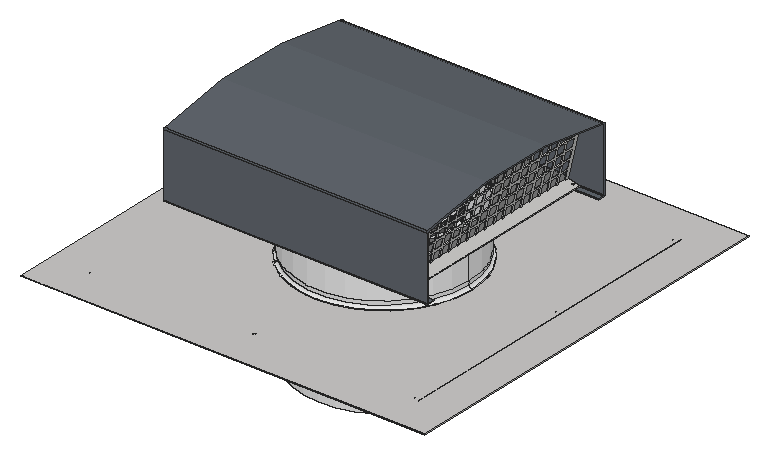
Revit family "250mm Roof Terminals BIM File", category Air Terminals, Revit 2024
Family settings
  Round Connector Dimension = Use Diameter
  Part Type = Normal
  Work Plane-Based = No
  Always vertical = Yes
  Cut with Voids When Loaded = No
  Maintain Annotation Orientation = No
  Shared = No
  Room Calculation Point = No
Parameters (values of type "250mm dia Slate Roof Terminal")
  URL = "https://www.airflow.com/"
  Part number = "90001420"
  Pressure = 100.0 Pa
  Product name = "250mm Slate Roof Terminal"
  Manufacturer's name = "Airflow"
  Model = "250mm Slate Roof Terminal"
  Product URL link = "https://www.airflow.com/product/roof-cowls-and-slates/90001420"
  Manufacturer's URL link = "https://www.airflow.com/"
  Installation instructions URL link = "https://www.airflow.com/product/roof-cowls-and-slates/90001420"
  Roof height (mm) = "140"  # constant formula
  Cap height (mm) = "82"  # constant formula
  Manufacturer = "Airflow"
  Manufacturer email = "info@airflow.com"
  Material 4 = ANJ010016 4
  Material 3 = ANJ010016 3'
  Material 2 = ANJ010016 2
  Material 1 = ANJ010016 1
  Extract air flow at 20 Pa (m3/h) = "1050"  # constant formula
  Supply air flow at 20 Pa (m3/h) = "850"  # constant formula
  Flow rate = 236.111 L/s
  Lead dimensions (mm) = "590x590"  # constant formula
  Cap dimensions (mm) = "333x400"  # constant formula
  Connection diameter = 250 mm  # constant formula
  Default Elevation = 0 mm
Types (3, lengths in mm): name | Part number | Product name | Model | Product URL link | Installation instructions URL link | Material 3
  (no name) | "90001420" | "250mm Slate Roof Terminal" | "250mm Slate Roof Terminal" | "https://www.airflow.com/product/roof-cowls-and-slates/90001420" | "https://www.airflow.com/product/roof-cowls-and-slates/90001420" | ANJ010016 3'
  250mm dia Terracotta Roof Terminal | "90001421" | "250mm Terracotta Roof Terminal" | "250mm Terracotta Roof Terminal" | "https://www.airflow.com/product/roof-cowls-and-slates/90001421" | "https://www.airflow.com/product/roof-cowls-and-slates/90001421" | ANJ010016 3
  250mm dia Slate Roof Terminal | "90001420" | "250mm Slate Roof Terminal" | "250mm Slate Roof Terminal" | "https://www.airflow.com/product/roof-cowls-and-slates/90001420" | "https://www.airflow.com/product/roof-cowls-and-slates/90001420" | ANJ010016 3'
Reference planes
  plane 1 "Center (Front/Back)": y = 0
  plane 2: z = 0
  plane 3 "Center (Left/Right)": x = 0
Nested families
  nested 1: "ANJ010016 CTM" at (0, 0, 0), type "ANJ010016 CTM"
Connectors
  hvac at (0, 0, 0), driven by "Connection diameter", driven by "Flow rate", driven by "Pressure"
    settings: on level, index 1, duct flow 236.111 L/s, flow factor 0, pres drop 100.0 Pa, loss coef 0, conn angle 0.00°, conn width 304.8 mm, conn height 304.8 mm, conn diameter 250 mm, duct sys type 4, conn prof type 0, flow config 0, flow direction 0, loss method 4, conn ref index -1, conn util no, is conn primary yes, conn desc ""
Definition of nested family "ANJ010016 CTM"
  Parameters (values of type "ANJ010016 CTM")
    Version = "3"
    URL = "http://www.anjos-ventilation.com/"
    Polantis code = "ANJ010016"
    Model = "CTM"
    Manufacturer = "Anjos Ventilation"
    Email fabricant = "contact@anjos-ventilation.com "
    Matériel 4 = none
    Matériel 3 = none
    Matériel 2 = none
    Matériel 1 = none
    Débit à 20 Pa en rejet = ""
    Débit à 20 Pa en prise d'air = ""
    Default Elevation = 0 mm
  Reference planes
    plane 1 "Center (Front/Back)": y = 0
    plane 2: z = 0
    plane 3 "Center (Left/Right)": x = 0
  Forms (mm)
    Revolve 1, solid, material <- "Matériel 1"
      sketch origin (0, 0, 231.331) x (1, 0, 0) y (0, 0, 1)
        loop
          line (122.54, -68.331) -> (122.54, -86.566)
          arc (122.54, -86.566) -> (127.98, -93.301) -> (122.54, -100.037) r 6.89
          line (122.54, -100.037) -> (122.54, -182.813)
          arc (122.54, -182.813) -> (121.007, -187.462) -> (122.54, -192.111) r 7.819
          line (122.54, -192.111) -> (122.54, -199.729)
          arc (122.54, -199.729) -> (120.936, -204.534) -> (122.54, -209.339) r 8.001
          line (122.54, -209.339) -> (122.54, -231.331) -> (123.54, -231.331) -> (123.54, -208.993)
          arc (123.54, -208.993) -> (121.936, -204.534) -> (123.54, -200.075) r 7.001
          line (123.54, -200.075) -> (123.54, -191.769)
          arc (123.54, -191.769) -> (122.007, -187.462) -> (123.54, -183.155) r 6.819
          line (123.54, -183.155) -> (123.54, -100.801)
          arc (123.54, -100.801) -> (128.98, -93.301) -> (123.54, -85.801) r 7.89
          line (123.54, -85.801) -> (123.54, -68.331) -> (122.54, -68.331)
        axis (0, -68.331) -> (0, -231.331)
      angle from 0 to 360
    Extrusion 2, solid, material <- "Matériel 4"
      sketch origin (4.534, 0, 264.484) x (0.224951, 0, 0.97437) y (0, -1, 0)
        loop
          line (87.616, 164) -> (-5.373, 164) -> (-5.373, 160.5) -> (9.559, 160.5) -> (9.559, 145.5) -> (-5.373, 145.5) -> (-5.373, 143.5) -> (9.559, 143.5) -> (9.559, 128.5) -> (-5.373, 128.5) -> (-5.373, 126.5) -> (9.559, 126.5) -> (9.559, 111.5) -> (-5.373, 111.5) -> (-5.373, 109.5) -> (9.559, 109.5) -> (9.559, 94.5) -> (-5.373, 94.5) -> (-5.373, 92.5) -> (9.559, 92.5) -> (9.559, 77.5) -> (-5.373, 77.5) -> (-5.373, 75.5) -> (9.559, 75.5) -> (9.559, 60.5) -> (-5.373, 60.5) -> (-5.373, 58.5) -> (9.559, 58.5) -> (9.559, 43.5) -> (-5.373, 43.5) -> (-5.373, 41.5) -> (9.559, 41.5) -> (9.559, 26.5) -> (-5.373, 26.5) -> (-5.373, 24.5) -> (9.559, 24.5) -> (9.559, 9.5) -> (-5.373, 9.5) -> (-5.373, 7.5) -> (9.559, 7.5) -> (9.559, -7.5) -> (-5.373, -7.5) -> (-5.373, -9.5) -> (9.559, -9.5) -> (9.559, -24.5) -> (-5.373, -24.5) -> (-5.373, -26.5) -> (9.559, -26.5) -> (9.559, -41.5) -> (-5.373, -41.5) -> (-5.373, -43.5) -> (9.559, -43.5) -> (9.559, -58.5) -> (-5.373, -58.5) -> (-5.373, -60.5) -> (9.559, -60.5) -> (9.559, -75.5) -> (-5.373, -75.5) -> (-5.373, -77.5) -> (9.559, -77.5) -> (9.559, -92.5) -> (-5.373, -92.5) -> (-5.373, -94.5) -> (9.559, -94.5) -> (9.559, -109.5) -> (-5.373, -109.5) -> (-5.373, -111.5) -> (9.559, -111.5) -> (9.559, -126.5) -> (-5.373, -126.5) -> (-5.373, -128.5) -> (9.559, -128.5) -> (9.559, -143.5) -> (-5.373, -143.5) -> (-5.373, -145.5) -> (9.559, -145.5) -> (9.559, -160.5) -> (-5.373, -160.5) -> (-5.373, -164) -> (87.616, -164)
          arc (87.616, -164) -> (107.263, 0) -> (87.616, 164) r 694.311
        loop
          line (84.925, 160.5) -> (61.007, 160.5) -> (61.007, 145.5) -> (84.925, 145.5) -> (84.925, 160.5)
        loop
          line (59.065, 160.5) -> (44.504, 160.5) -> (44.504, 145.5) -> (59.065, 145.5) -> (59.065, 160.5)
        loop
          line (42.563, 160.5) -> (28.029, 160.5) -> (28.029, 145.5) -> (42.563, 145.5) -> (42.563, 160.5)
        loop
          line (26.061, 160.5) -> (11.5, 160.5) -> (11.5, 145.5) -> (26.061, 145.5) -> (26.061, 160.5)
        loop
          line (26.061, 143.5) -> (11.5, 143.5) -> (11.5, 128.5) -> (26.061, 128.5) -> (26.061, 143.5)
        loop
          line (28.029, 143.5) -> (28.029, 128.5) -> (42.563, 128.5) -> (42.563, 143.5) -> (28.029, 143.5)
        loop
          line (44.504, 143.5) -> (44.504, 128.5) -> (59.065, 128.5) -> (59.065, 143.5) -> (44.504, 143.5)
        loop
          line (89.827, 143.5) -> (61.007, 143.5) -> (61.007, 128.5) -> (89.827, 128.5) -> (89.827, 143.5)
        loop
          line (75.567, 94.5) -> (75.567, 109.5) -> (61.007, 109.5) -> (61.007, 94.5) -> (75.567, 94.5)
        loop
          line (59.065, 94.5) -> (59.065, 109.5) -> (44.504, 109.5) -> (44.504, 94.5) -> (59.065, 94.5)
        loop
          line (42.563, 94.5) -> (42.563, 109.5) -> (28.029, 109.5) -> (28.029, 94.5) -> (42.563, 94.5)
        loop
          line (26.061, 94.5) -> (26.061, 109.5) -> (11.5, 109.5) -> (11.5, 94.5) -> (26.061, 94.5)
        loop
          line (26.061, 111.5) -> (26.061, 126.5) -> (11.5, 126.5) -> (11.5, 111.5) -> (26.061, 111.5)
        loop
          line (28.029, 111.5) -> (42.563, 111.5) -> (42.563, 126.5) -> (28.029, 126.5) -> (28.029, 111.5)
        loop
          line (44.504, 111.5) -> (59.065, 111.5) -> (59.065, 126.5) -> (44.504, 126.5) -> (44.504, 111.5)
        loop
          line (75.567, 111.5) -> (75.567, 126.5) -> (61.007, 126.5) -> (61.007, 111.5) -> (75.567, 111.5)
        loop
          line (75.567, 92.5) -> (61.007, 92.5) -> (61.007, 77.5) -> (75.567, 77.5) -> (75.567, 92.5)
        loop
          line (59.065, 92.5) -> (44.504, 92.5) -> (44.504, 77.5) -> (59.065, 77.5) -> (59.065, 92.5)
        loop
          line (42.563, 92.5) -> (28.029, 92.5) -> (28.029, 77.5) -> (42.563, 77.5) -> (42.563, 92.5)
        loop
          line (26.061, 92.5) -> (11.5, 92.5) -> (11.5, 77.5) -> (26.061, 77.5) -> (26.061, 92.5)
        loop
          line (26.061, 75.5) -> (11.5, 75.5) -> (11.5, 60.5) -> (26.061, 60.5) -> (26.061, 75.5)
        loop
          line (28.029, 75.5) -> (28.029, 60.5) -> (42.563, 60.5) -> (42.563, 75.5) -> (28.029, 75.5)
        loop
          line (44.504, 75.5) -> (44.504, 60.5) -> (59.065, 60.5) -> (59.065, 75.5) -> (44.504, 75.5)
        loop
          line (75.52, 75.5) -> (61.007, 75.5) -> (61.007, 60.5) -> (75.52, 60.5) -> (75.52, 75.5)
        loop
          line (75.567, 26.5) -> (75.567, 41.5) -> (61.007, 41.5) -> (61.007, 26.5) -> (75.567, 26.5)
        loop
          line (59.065, 26.5) -> (59.065, 41.5) -> (44.504, 41.5) -> (44.504, 26.5) -> (59.065, 26.5)
        loop
          line (42.563, 26.5) -> (42.563, 41.5) -> (28.029, 41.5) -> (28.029, 26.5) -> (42.563, 26.5)
        loop
          line (26.061, 26.5) -> (26.061, 41.5) -> (11.5, 41.5) -> (11.5, 26.5) -> (26.061, 26.5)
        loop
          line (26.061, 43.5) -> (26.061, 58.5) -> (11.5, 58.5) -> (11.5, 43.5) -> (26.061, 43.5)
        loop
          line (28.029, 43.5) -> (42.563, 43.5) -> (42.563, 58.5) -> (28.029, 58.5) -> (28.029, 43.5)
        loop
          line (44.504, 43.5) -> (59.065, 43.5) -> (59.065, 58.5) -> (44.504, 58.5) -> (44.504, 43.5)
        loop
          line (75.52, 43.5) -> (75.52, 58.5) -> (61.007, 58.5) -> (61.007, 43.5) -> (75.52, 43.5)
        loop
          line (75.567, 24.5) -> (61.007, 24.5) -> (61.007, 9.5) -> (75.567, 9.5) -> (75.567, 24.5)
        loop
          line (59.065, 24.5) -> (44.504, 24.5) -> (44.504, 9.5) -> (59.065, 9.5) -> (59.065, 24.5)
        loop
          line (42.563, 24.5) -> (28.029, 24.5) -> (28.029, 9.5) -> (42.563, 9.5) -> (42.563, 24.5)
        loop
          line (26.061, 24.5) -> (11.5, 24.5) -> (11.5, 9.5) -> (26.061, 9.5) -> (26.061, 24.5)
        loop
          line (26.061, 7.5) -> (11.5, 7.5) -> (11.5, -7.5) -> (26.061, -7.5) -> (26.061, 7.5)
        loop
          line (28.029, 7.5) -> (28.029, -7.5) -> (42.563, -7.5) -> (42.563, 7.5) -> (28.029, 7.5)
        loop
          line (44.504, 7.5) -> (44.504, -7.5) -> (59.065, -7.5) -> (59.065, 7.5) -> (44.504, 7.5)
        loop
          line (75.52, 7.5) -> (61.007, 7.5) -> (61.007, -7.5) -> (75.52, -7.5) -> (75.52, 7.5)
        loop
          line (75.567, -41.5) -> (75.567, -26.5) -> (61.007, -26.5) -> (61.007, -41.5) -> (75.567, -41.5)
        loop
          line (59.065, -41.5) -> (59.065, -26.5) -> (44.504, -26.5) -> (44.504, -41.5) -> (59.065, -41.5)
        loop
          line (42.563, -41.5) -> (42.563, -26.5) -> (28.029, -26.5) -> (28.029, -41.5) -> (42.563, -41.5)
        loop
          line (26.061, -41.5) -> (26.061, -26.5) -> (11.5, -26.5) -> (11.5, -41.5) -> (26.061, -41.5)
        loop
          line (26.061, -24.5) -> (26.061, -9.5) -> (11.5, -9.5) -> (11.5, -24.5) -> (26.061, -24.5)
        loop
          line (28.029, -24.5) -> (42.563, -24.5) -> (42.563, -9.5) -> (28.029, -9.5) -> (28.029, -24.5)
        loop
          line (44.504, -24.5) -> (59.065, -24.5) -> (59.065, -9.5) -> (44.504, -9.5) -> (44.504, -24.5)
        loop
          line (75.567, -24.5) -> (75.567, -9.5) -> (61.007, -9.5) -> (61.007, -24.5) -> (75.567, -24.5)
        loop
          line (75.567, -43.5) -> (61.007, -43.5) -> (61.007, -58.5) -> (75.567, -58.5) -> (75.567, -43.5)
        loop
          line (59.065, -43.5) -> (44.504, -43.5) -> (44.504, -58.5) -> (59.065, -58.5) -> (59.065, -43.5)
        loop
          line (42.563, -43.5) -> (28.029, -43.5) -> (28.029, -58.5) -> (42.563, -58.5) -> (42.563, -43.5)
        loop
          line (26.061, -43.5) -> (11.5, -43.5) -> (11.5, -58.5) -> (26.061, -58.5) -> (26.061, -43.5)
        loop
          line (26.061, -60.5) -> (11.5, -60.5) -> (11.5, -75.5) -> (26.061, -75.5) -> (26.061, -60.5)
        loop
          line (28.029, -60.5) -> (28.029, -75.5) -> (42.563, -75.5) -> (42.563, -60.5) -> (28.029, -60.5)
        loop
          line (44.504, -60.5) -> (44.504, -75.5) -> (59.065, -75.5) -> (59.065, -60.5) -> (44.504, -60.5)
        loop
          line (75.567, -60.5) -> (61.007, -60.5) -> (61.007, -75.5) -> (75.567, -75.5) -> (75.567, -60.5)
        loop
          line (75.567, -109.5) -> (75.567, -94.5) -> (61.007, -94.5) -> (61.007, -109.5) -> (75.567, -109.5)
        loop
          line (59.065, -109.5) -> (59.065, -94.5) -> (44.504, -94.5) -> (44.504, -109.5) -> (59.065, -109.5)
        loop
          line (42.563, -109.5) -> (42.563, -94.5) -> (28.029, -94.5) -> (28.029, -109.5) -> (42.563, -109.5)
        loop
          line (26.061, -109.5) -> (26.061, -94.5) -> (11.5, -94.5) -> (11.5, -109.5) -> (26.061, -109.5)
        loop
          line (26.061, -92.5) -> (26.061, -77.5) -> (11.5, -77.5) -> (11.5, -92.5) -> (26.061, -92.5)
        loop
          line (28.029, -92.5) -> (42.563, -92.5) -> (42.563, -77.5) -> (28.029, -77.5) -> (28.029, -92.5)
        loop
          line (44.504, -92.5) -> (59.065, -92.5) -> (59.065, -77.5) -> (44.504, -77.5) -> (44.504, -92.5)
        loop
          line (75.567, -92.5) -> (75.567, -77.5) -> (61.007, -77.5) -> (61.007, -92.5) -> (75.567, -92.5)
        loop
          line (75.567, -111.5) -> (61.007, -111.5) -> (61.007, -126.5) -> (75.567, -126.5) -> (75.567, -111.5)
        loop
          line (59.065, -111.5) -> (44.504, -111.5) -> (44.504, -126.5) -> (59.065, -126.5) -> (59.065, -111.5)
        loop
          line (42.563, -111.5) -> (28.029, -111.5) -> (28.029, -126.5) -> (42.563, -126.5) -> (42.563, -111.5)
        loop
          line (26.061, -111.5) -> (11.5, -111.5) -> (11.5, -126.5) -> (26.061, -126.5) -> (26.061, -111.5)
        loop
          line (26.061, -128.5) -> (11.5, -128.5) -> (11.5, -143.5) -> (26.061, -143.5) -> (26.061, -128.5)
        loop
          line (28.029, -128.5) -> (28.029, -143.5) -> (42.563, -143.5) -> (42.563, -128.5) -> (28.029, -128.5)
        loop
          line (44.504, -128.5) -> (44.504, -143.5) -> (59.065, -143.5) -> (59.065, -128.5) -> (44.504, -128.5)
        loop
          line (89.827, -128.5) -> (61.007, -128.5) -> (61.007, -143.5) -> (89.827, -143.5) -> (89.827, -128.5)
        loop
          line (26.061, -160.5) -> (26.061, -145.5) -> (11.5, -145.5) -> (11.5, -160.5) -> (26.061, -160.5)
        loop
          line (28.029, -160.5) -> (42.563, -160.5) -> (42.563, -145.5) -> (28.029, -145.5) -> (28.029, -160.5)
        loop
          line (44.504, -160.5) -> (59.065, -160.5) -> (59.065, -145.5) -> (44.504, -145.5) -> (44.504, -160.5)
        loop
          line (84.925, -160.5) -> (84.925, -145.5) -> (61.007, -145.5) -> (61.007, -160.5) -> (84.925, -160.5)
        loop
          line (93.04, 126.5) -> (77.509, 126.5) -> (77.509, 111.5) -> (93.04, 111.5) -> (93.04, 126.5)
        loop
          line (95.836, 109.5) -> (77.509, 109.5) -> (77.509, 94.5) -> (95.836, 94.5) -> (95.836, 109.5)
        loop
          line (98.263, 92.5) -> (77.512, 92.5) -> (77.512, 77.5) -> (98.263, 77.5) -> (98.263, 92.5)
        loop
          line (100.185, 75.5) -> (77.509, 75.5) -> (77.509, 60.5) -> (100.185, 60.5) -> (100.185, 75.5)
        loop
          line (101.981, 58.5) -> (77.509, 58.5) -> (77.509, 43.5) -> (101.981, 43.5) -> (101.981, 58.5)
        loop
          line (102.922, 41.5) -> (77.509, 41.5) -> (77.509, 26.5) -> (102.922, 26.5) -> (102.922, 41.5)
        loop
          line (103.689, 24.5) -> (77.509, 24.5) -> (77.509, 9.5) -> (103.689, 9.5) -> (103.689, 24.5)
        loop
          line (104.174, 7.5) -> (77.509, 7.5) -> (77.509, -7.5) -> (104.174, -7.5) -> (104.174, 7.5)
        loop
          line (77.509, -9.5) -> (77.509, -24.5) -> (103.727, -24.5) -> (103.727, -9.5) -> (77.509, -9.5)
        loop
          line (77.509, -26.5) -> (77.509, -41.5) -> (102.922, -41.5) -> (102.922, -26.5) -> (77.509, -26.5)
        loop
          line (101.981, -43.5) -> (77.509, -43.5) -> (77.509, -58.5) -> (101.981, -58.5) -> (101.981, -43.5)
        loop
          line (100.185, -60.5) -> (77.509, -60.5) -> (77.509, -75.5) -> (100.185, -75.5) -> (100.185, -60.5)
        loop
          line (98.263, -77.5) -> (77.509, -77.5) -> (77.509, -92.5) -> (98.263, -92.5) -> (98.263, -77.5)
        loop
          line (95.836, -94.5) -> (77.509, -94.5) -> (77.509, -109.5) -> (95.836, -109.5) -> (95.836, -94.5)
        loop
          line (93.04, -111.5) -> (77.509, -111.5) -> (77.509, -126.5) -> (93.04, -126.5) -> (93.04, -111.5)
      from 144.44 to 145.528
    Extrusion 3, solid, material <- "Matériel 3"
      sketch origin (0, 0, 231.331) x (0, 0, 1) y (0, -1, 0)
        loop
          arc (88.248, 166.103) -> (87.669, 166.878) -> (86.71, 167) r 1.238
          line (86.71, 167) -> (-9.796, 167)
          arc (-9.796, 167) -> (-10.747, 166.306) -> (-10.75, 165.128) r 1.302
          line (-10.75, 165.128) -> (-9.75, 165.128)
          arc (-9.75, 165.128) -> (-9.761, 165.647) -> (-9.38, 166) r 0.632
          line (-9.38, 166) -> (86.491, 166)
          arc (86.491, 166) -> (87.147, 165.728) -> (87.419, 165.072) r 0.928
          arc (87.419, 165.072) -> (107.254, -0.099) -> (87.419, -165.269) r 697.631
          arc (87.419, -165.269) -> (87.284, -165.715) -> (86.912, -165.994) r 0.747
          line (86.912, -165.994) -> (-8.365, -165.994)
          arc (-8.365, -165.994) -> (-9.088, -165.991) -> (-9.75, -165.7) r 1.781
          line (-9.75, -165.7) -> (-10.75, -165.7)
          arc (-10.75, -165.7) -> (-10.609, -166.533) -> (-9.945, -167) r 1.062
          line (-9.945, -167) -> (87.46, -167)
          arc (87.46, -167) -> (87.971, -166.802) -> (88.262, -166.316) r 0.761
          arc (88.262, -166.316) -> (108.302, -0.106) -> (88.248, 166.103) r 699.066
      from -198.572 to 198.5
    Extrusion 4, solid, material <- "Matériel 4"
      sketch origin (4.107, 0, 261.057) x (-0.978148, 0, 0.207912) y (0, 1, 0)
        loop
          line (-163.367, -164) -> (-145.122, -164) -> (-145.122, 164) -> (-163.367, 164) -> (-163.367, -164)
        loop
          circle (-157.496, -160.006) r 1.745
        loop
          circle (-157.506, 159.999) r 1.744
      from 3.495 to 4.483
    Extrusion 5, solid, material <- "Matériel 4"
      sketch origin (-4.534, 0, 264.484) x (-0.224951, 0, 0.97437) y (0, 1, 0)
        loop
          arc (87.616, -164) -> (107.263, 0) -> (87.616, 164) r 694.311
          line (87.616, 164) -> (-5.373, 164) -> (-5.373, 160.5) -> (9.559, 160.5) -> (9.559, 145.5) -> (-5.373, 145.5) -> (-5.373, 143.5) -> (9.559, 143.5) -> (9.559, 128.5) -> (-5.373, 128.5) -> (-5.373, 126.5) -> (9.559, 126.5) -> (9.559, 111.5) -> (-5.373, 111.5) -> (-5.373, 109.5) -> (9.559, 109.5) -> (9.559, 94.5) -> (-5.373, 94.5) -> (-5.373, 92.5) -> (9.559, 92.5) -> (9.559, 77.5) -> (-5.373, 77.5) -> (-5.373, 75.5) -> (9.559, 75.5) -> (9.559, 60.5) -> (-5.373, 60.5) -> (-5.373, 58.5) -> (9.559, 58.5) -> (9.559, 43.5) -> (-5.373, 43.5) -> (-5.373, 41.5) -> (9.559, 41.5) -> (9.559, 26.5) -> (-5.373, 26.5) -> (-5.373, 24.5) -> (9.559, 24.5) -> (9.559, 9.5) -> (-5.373, 9.5) -> (-5.373, 7.5) -> (9.559, 7.5) -> (9.559, -7.5) -> (-5.373, -7.5) -> (-5.373, -9.5) -> (9.559, -9.5) -> (9.559, -24.5) -> (-5.373, -24.5) -> (-5.373, -26.5) -> (9.559, -26.5) -> (9.559, -41.5) -> (-5.373, -41.5) -> (-5.373, -43.5) -> (9.559, -43.5) -> (9.559, -58.5) -> (-5.373, -58.5) -> (-5.373, -60.5) -> (9.559, -60.5) -> (9.559, -75.5) -> (-5.373, -75.5) -> (-5.373, -77.5) -> (9.559, -77.5) -> (9.559, -92.5) -> (-5.373, -92.5) -> (-5.373, -94.5) -> (9.559, -94.5) -> (9.559, -109.5) -> (-5.373, -109.5) -> (-5.373, -111.5) -> (9.559, -111.5) -> (9.559, -126.5) -> (-5.373, -126.5) -> (-5.373, -128.5) -> (9.559, -128.5) -> (9.559, -143.5) -> (-5.373, -143.5) -> (-5.373, -145.5) -> (9.559, -145.5) -> (9.559, -160.5) -> (-5.373, -160.5) -> (-5.373, -164) -> (87.616, -164)
        loop
          line (84.925, -160.5) -> (84.925, -145.5) -> (61.007, -145.5) -> (61.007, -160.5) -> (84.925, -160.5)
        loop
          line (59.065, -160.5) -> (59.065, -145.5) -> (44.504, -145.5) -> (44.504, -160.5) -> (59.065, -160.5)
        loop
          line (42.563, -160.5) -> (42.563, -145.5) -> (28.029, -145.5) -> (28.029, -160.5) -> (42.563, -160.5)
        loop
          line (26.061, -160.5) -> (26.061, -145.5) -> (11.5, -145.5) -> (11.5, -160.5) -> (26.061, -160.5)
        loop
          line (26.061, -143.5) -> (26.061, -128.5) -> (11.5, -128.5) -> (11.5, -143.5) -> (26.061, -143.5)
        loop
          line (28.029, -143.5) -> (42.563, -143.5) -> (42.563, -128.5) -> (28.029, -128.5) -> (28.029, -143.5)
        loop
          line (44.504, -143.5) -> (59.065, -143.5) -> (59.065, -128.5) -> (44.504, -128.5) -> (44.504, -143.5)
        loop
          line (89.827, -143.5) -> (89.827, -128.5) -> (61.007, -128.5) -> (61.007, -143.5) -> (89.827, -143.5)
        loop
          line (75.567, -94.5) -> (61.007, -94.5) -> (61.007, -109.5) -> (75.567, -109.5) -> (75.567, -94.5)
        loop
          line (59.065, -94.5) -> (44.504, -94.5) -> (44.504, -109.5) -> (59.065, -109.5) -> (59.065, -94.5)
        loop
          line (42.563, -94.5) -> (28.029, -94.5) -> (28.029, -109.5) -> (42.563, -109.5) -> (42.563, -94.5)
        loop
          line (26.061, -94.5) -> (11.5, -94.5) -> (11.5, -109.5) -> (26.061, -109.5) -> (26.061, -94.5)
        loop
          line (26.061, -111.5) -> (11.5, -111.5) -> (11.5, -126.5) -> (26.061, -126.5) -> (26.061, -111.5)
        loop
          line (28.029, -111.5) -> (28.029, -126.5) -> (42.563, -126.5) -> (42.563, -111.5) -> (28.029, -111.5)
        loop
          line (44.504, -111.5) -> (44.504, -126.5) -> (59.065, -126.5) -> (59.065, -111.5) -> (44.504, -111.5)
        loop
          line (75.567, -111.5) -> (61.007, -111.5) -> (61.007, -126.5) -> (75.567, -126.5) -> (75.567, -111.5)
        loop
          line (75.567, -92.5) -> (75.567, -77.5) -> (61.007, -77.5) -> (61.007, -92.5) -> (75.567, -92.5)
        loop
          line (59.065, -92.5) -> (59.065, -77.5) -> (44.504, -77.5) -> (44.504, -92.5) -> (59.065, -92.5)
        loop
          line (42.563, -92.5) -> (42.563, -77.5) -> (28.029, -77.5) -> (28.029, -92.5) -> (42.563, -92.5)
        loop
          line (26.061, -92.5) -> (26.061, -77.5) -> (11.5, -77.5) -> (11.5, -92.5) -> (26.061, -92.5)
        loop
          line (26.061, -75.5) -> (26.061, -60.5) -> (11.5, -60.5) -> (11.5, -75.5) -> (26.061, -75.5)
        loop
          line (28.029, -75.5) -> (42.563, -75.5) -> (42.563, -60.5) -> (28.029, -60.5) -> (28.029, -75.5)
        loop
          line (44.504, -75.5) -> (59.065, -75.5) -> (59.065, -60.5) -> (44.504, -60.5) -> (44.504, -75.5)
        loop
          line (75.52, -75.5) -> (75.52, -60.5) -> (61.007, -60.5) -> (61.007, -75.5) -> (75.52, -75.5)
        loop
          line (75.567, -26.5) -> (61.007, -26.5) -> (61.007, -41.5) -> (75.567, -41.5) -> (75.567, -26.5)
        loop
          line (59.065, -26.5) -> (44.504, -26.5) -> (44.504, -41.5) -> (59.065, -41.5) -> (59.065, -26.5)
        loop
          line (42.563, -26.5) -> (28.029, -26.5) -> (28.029, -41.5) -> (42.563, -41.5) -> (42.563, -26.5)
        loop
          line (26.061, -26.5) -> (11.5, -26.5) -> (11.5, -41.5) -> (26.061, -41.5) -> (26.061, -26.5)
        loop
          line (26.061, -43.5) -> (11.5, -43.5) -> (11.5, -58.5) -> (26.061, -58.5) -> (26.061, -43.5)
        loop
          line (28.029, -43.5) -> (28.029, -58.5) -> (42.563, -58.5) -> (42.563, -43.5) -> (28.029, -43.5)
        loop
          line (44.504, -43.5) -> (44.504, -58.5) -> (59.065, -58.5) -> (59.065, -43.5) -> (44.504, -43.5)
        loop
          line (75.52, -43.5) -> (61.007, -43.5) -> (61.007, -58.5) -> (75.52, -58.5) -> (75.52, -43.5)
        loop
          line (75.567, -24.5) -> (75.567, -9.5) -> (61.007, -9.5) -> (61.007, -24.5) -> (75.567, -24.5)
        loop
          line (59.065, -24.5) -> (59.065, -9.5) -> (44.504, -9.5) -> (44.504, -24.5) -> (59.065, -24.5)
        loop
          line (42.563, -24.5) -> (42.563, -9.5) -> (28.029, -9.5) -> (28.029, -24.5) -> (42.563, -24.5)
        loop
          line (26.061, -24.5) -> (26.061, -9.5) -> (11.5, -9.5) -> (11.5, -24.5) -> (26.061, -24.5)
        loop
          line (26.061, -7.5) -> (26.061, 7.5) -> (11.5, 7.5) -> (11.5, -7.5) -> (26.061, -7.5)
        loop
          line (28.029, -7.5) -> (42.563, -7.5) -> (42.563, 7.5) -> (28.029, 7.5) -> (28.029, -7.5)
        loop
          line (44.504, -7.5) -> (59.065, -7.5) -> (59.065, 7.5) -> (44.504, 7.5) -> (44.504, -7.5)
        loop
          line (75.52, -7.5) -> (75.52, 7.5) -> (61.007, 7.5) -> (61.007, -7.5) -> (75.52, -7.5)
        loop
          line (75.567, 41.5) -> (61.007, 41.5) -> (61.007, 26.5) -> (75.567, 26.5) -> (75.567, 41.5)
        loop
          line (59.065, 41.5) -> (44.504, 41.5) -> (44.504, 26.5) -> (59.065, 26.5) -> (59.065, 41.5)
        loop
          line (42.563, 41.5) -> (28.029, 41.5) -> (28.029, 26.5) -> (42.563, 26.5) -> (42.563, 41.5)
        loop
          line (26.061, 41.5) -> (11.5, 41.5) -> (11.5, 26.5) -> (26.061, 26.5) -> (26.061, 41.5)
        loop
          line (26.061, 24.5) -> (11.5, 24.5) -> (11.5, 9.5) -> (26.061, 9.5) -> (26.061, 24.5)
        loop
          line (28.029, 24.5) -> (28.029, 9.5) -> (42.563, 9.5) -> (42.563, 24.5) -> (28.029, 24.5)
        loop
          line (44.504, 24.5) -> (44.504, 9.5) -> (59.065, 9.5) -> (59.065, 24.5) -> (44.504, 24.5)
        loop
          line (75.567, 24.5) -> (61.007, 24.5) -> (61.007, 9.5) -> (75.567, 9.5) -> (75.567, 24.5)
        loop
          line (75.567, 43.5) -> (75.567, 58.5) -> (61.007, 58.5) -> (61.007, 43.5) -> (75.567, 43.5)
        loop
          line (59.065, 43.5) -> (59.065, 58.5) -> (44.504, 58.5) -> (44.504, 43.5) -> (59.065, 43.5)
        loop
          line (42.563, 43.5) -> (42.563, 58.5) -> (28.029, 58.5) -> (28.029, 43.5) -> (42.563, 43.5)
        loop
          line (26.061, 43.5) -> (26.061, 58.5) -> (11.5, 58.5) -> (11.5, 43.5) -> (26.061, 43.5)
        loop
          line (26.061, 60.5) -> (26.061, 75.5) -> (11.5, 75.5) -> (11.5, 60.5) -> (26.061, 60.5)
        loop
          line (28.029, 60.5) -> (42.563, 60.5) -> (42.563, 75.5) -> (28.029, 75.5) -> (28.029, 60.5)
        loop
          line (44.504, 60.5) -> (59.065, 60.5) -> (59.065, 75.5) -> (44.504, 75.5) -> (44.504, 60.5)
        loop
          line (75.567, 60.5) -> (75.567, 75.5) -> (61.007, 75.5) -> (61.007, 60.5) -> (75.567, 60.5)
        loop
          line (75.567, 109.5) -> (61.007, 109.5) -> (61.007, 94.5) -> (75.567, 94.5) -> (75.567, 109.5)
        loop
          line (59.065, 109.5) -> (44.504, 109.5) -> (44.504, 94.5) -> (59.065, 94.5) -> (59.065, 109.5)
        loop
          line (42.563, 109.5) -> (28.029, 109.5) -> (28.029, 94.5) -> (42.563, 94.5) -> (42.563, 109.5)
        loop
          line (26.061, 109.5) -> (11.5, 109.5) -> (11.5, 94.5) -> (26.061, 94.5) -> (26.061, 109.5)
        loop
          line (26.061, 92.5) -> (11.5, 92.5) -> (11.5, 77.5) -> (26.061, 77.5) -> (26.061, 92.5)
        loop
          line (28.029, 92.5) -> (28.029, 77.5) -> (42.563, 77.5) -> (42.563, 92.5) -> (28.029, 92.5)
        loop
          line (44.504, 92.5) -> (44.504, 77.5) -> (59.065, 77.5) -> (59.065, 92.5) -> (44.504, 92.5)
        loop
          line (75.567, 92.5) -> (61.007, 92.5) -> (61.007, 77.5) -> (75.567, 77.5) -> (75.567, 92.5)
        loop
          line (75.567, 111.5) -> (75.567, 126.5) -> (61.007, 126.5) -> (61.007, 111.5) -> (75.567, 111.5)
        loop
          line (59.065, 111.5) -> (59.065, 126.5) -> (44.504, 126.5) -> (44.504, 111.5) -> (59.065, 111.5)
        loop
          line (42.563, 111.5) -> (42.563, 126.5) -> (28.029, 126.5) -> (28.029, 111.5) -> (42.563, 111.5)
        loop
          line (26.061, 111.5) -> (26.061, 126.5) -> (11.5, 126.5) -> (11.5, 111.5) -> (26.061, 111.5)
        loop
          line (26.061, 128.5) -> (26.061, 143.5) -> (11.5, 143.5) -> (11.5, 128.5) -> (26.061, 128.5)
        loop
          line (28.029, 128.5) -> (42.563, 128.5) -> (42.563, 143.5) -> (28.029, 143.5) -> (28.029, 128.5)
        loop
          line (44.504, 128.5) -> (59.065, 128.5) -> (59.065, 143.5) -> (44.504, 143.5) -> (44.504, 128.5)
        loop
          line (89.827, 128.5) -> (89.827, 143.5) -> (61.007, 143.5) -> (61.007, 128.5) -> (89.827, 128.5)
        loop
          line (26.061, 160.5) -> (11.5, 160.5) -> (11.5, 145.5) -> (26.061, 145.5) -> (26.061, 160.5)
        loop
          line (28.029, 160.5) -> (28.029, 145.5) -> (42.563, 145.5) -> (42.563, 160.5) -> (28.029, 160.5)
        loop
          line (44.504, 160.5) -> (44.504, 145.5) -> (59.065, 145.5) -> (59.065, 160.5) -> (44.504, 160.5)
        loop
          line (84.925, 160.5) -> (61.007, 160.5) -> (61.007, 145.5) -> (84.925, 145.5) -> (84.925, 160.5)
        loop
          line (93.04, -126.5) -> (93.04, -111.5) -> (77.509, -111.5) -> (77.509, -126.5) -> (93.04, -126.5)
        loop
          line (95.836, -109.5) -> (95.836, -94.5) -> (77.509, -94.5) -> (77.509, -109.5) -> (95.836, -109.5)
        loop
          line (98.263, -92.5) -> (98.263, -77.5) -> (77.512, -77.5) -> (77.512, -92.5) -> (98.263, -92.5)
        loop
          line (100.185, -75.5) -> (100.185, -60.5) -> (77.509, -60.5) -> (77.509, -75.5) -> (100.185, -75.5)
        loop
          line (101.981, -58.5) -> (101.981, -43.5) -> (77.509, -43.5) -> (77.509, -58.5) -> (101.981, -58.5)
        loop
          line (102.922, -41.5) -> (102.922, -26.5) -> (77.509, -26.5) -> (77.509, -41.5) -> (102.922, -41.5)
        loop
          line (103.689, -24.5) -> (103.689, -9.5) -> (77.509, -9.5) -> (77.509, -24.5) -> (103.689, -24.5)
        loop
          line (104.174, -7.5) -> (104.174, 7.5) -> (77.509, 7.5) -> (77.509, -7.5) -> (104.174, -7.5)
        loop
          line (77.509, 9.5) -> (103.727, 9.5) -> (103.727, 24.5) -> (77.509, 24.5) -> (77.509, 9.5)
        loop
          line (77.509, 26.5) -> (102.922, 26.5) -> (102.922, 41.5) -> (77.509, 41.5) -> (77.509, 26.5)
        loop
          line (101.981, 43.5) -> (101.981, 58.5) -> (77.509, 58.5) -> (77.509, 43.5) -> (101.981, 43.5)
        loop
          line (100.185, 60.5) -> (100.185, 75.5) -> (77.509, 75.5) -> (77.509, 60.5) -> (100.185, 60.5)
        loop
          line (98.263, 77.5) -> (98.263, 92.5) -> (77.509, 92.5) -> (77.509, 77.5) -> (98.263, 77.5)
        loop
          line (95.836, 94.5) -> (95.836, 109.5) -> (77.509, 109.5) -> (77.509, 94.5) -> (95.836, 94.5)
        loop
          line (93.04, 111.5) -> (93.04, 126.5) -> (77.509, 126.5) -> (77.509, 111.5) -> (93.04, 111.5)
      from 144.44 to 145.528
    Extrusion 6, solid, material <- "Matériel 4"
      sketch origin (-4.107, 0, 261.057) x (0.978148, 0, 0.207912) y (0, -1, 0)
        loop
          line (-163, 164) -> (-163, -164) -> (-145.122, -164) -> (-145.122, 164) -> (-163, 164)
        loop
          circle (-157.496, 160.006) r 1.745
        loop
          circle (-157.506, -159.999) r 1.744
      from 3.495 to 4.698
    Extrusion 7, solid, material <- "Matériel 3"
      sketch origin (0, 0, 210.831) x (0, -1, 0) y (1, 0, 0)
        loop
          line (-155.5, -198.5) -> (-155.5, 198.5) -> (-165.7, 198.5) -> (-165.7, -198.5) -> (-155.5, -198.5)
        loop
          circle (-160.001, -156.914) r 1.765
        loop
          circle (-159.96, 0.074) r 1.724
        loop
          arc (-158.4, 157.71) -> (-160.756, 158.711) -> (-161.698, 156.33) r 1.788
          arc (-161.698, 156.33) -> (-159.359, 155.371) -> (-158.4, 157.71) r 1.788
      from 9.75 to 10.75
    Extrusion 8, solid, material <- "Matériel 3"
      sketch origin (0, 0.571, 210.831) x (0, -1, 0) y (1, 0, 0)
        loop
          line (155.5, -198.5) -> (165.7, -198.5) -> (165.7, 198.5) -> (155.5, 198.5) -> (155.5, -198.5)
        loop
          circle (160.001, -156.914) r 1.765
        loop
          circle (159.96, 0.074) r 1.724
        loop
          arc (158.4, 157.71) -> (159.359, 155.371) -> (161.698, 156.33) r 1.788
          arc (161.698, 156.33) -> (160.756, 158.711) -> (158.4, 157.71) r 1.788
      from 9.75 to 10.75
    Sweep 9, solid, material <- "Matériel 2"
      path origin (0, 0, 231.331) x (0, -1, 0) y (1, 0, 0)
        loop
          circle (0, 0) r 97.546
      profile origin (-97.546, 0, 231.331) x (1, 0, 0) y (0, 0, 1)
        loop
          line (-6.454, 0.043) -> (-6.454, -0.957)
          arc (-6.454, -0.957) -> (-3.584, -2.153) -> (-2.411, -5.033) r 4.043
          line (-2.411, -5.033) -> (-1.999, -10.925) -> (-0.472, -16.25) -> (0.568, -16.25) -> (-1.009, -10.75) -> (-1.411, -5)
          arc (-1.411, -5) -> (-2.888, -1.434) -> (-6.454, 0.043) r 5.043
    Extrusion 10, solid, material <- "Matériel 2"
      sketch origin (0, -0.014, 227.06) x (0, -1, 0) y (1, 0, 0)
        loop
          line (164.986, -135) -> (164.986, 135) -> (-165.014, 135) -> (-165.014, -135) -> (164.986, -135)
        loop
          circle (0, 0) r 129
      from 3.314 to 4.271
    Extrusion 11, solid, material <- "Matériel 2"
      sketch origin (0, 0, 231.331) x (0, 0, 1) y (0, -1, 0)
        loop
          line (0, -165) -> (-8.953, -165) -> (-8.953, -154.95) -> (-9.75, -154.95) -> (-9.75, -165)
          arc (-9.75, -165) -> (-9.53, -165.53) -> (-9, -165.75) r 0.75
          line (-9, -165.75) -> (-0.75, -165.75)
          arc (-0.75, -165.75) -> (-0.22, -165.53) -> (0, -165) r 0.75
      from -135 to 134.823
    Extrusion 12, solid, material <- "Matériel 2"
      sketch origin (0, 0, 231.331) x (1, 0, 0) y (0, 0, 1)
        loop
          line (-153, -8.99) -> (-153, -9.971) -> (-135, -0.981) -> (-135, 0) -> (-153, -8.99)
      from -165 to 165
    Extrusion 13, solid, material <- "Matériel 2"
      sketch origin (0, 0, 212.371) x (0, -1, 0) y (1, 0, 0)
        loop
          line (165, -163) -> (165, -153) -> (-165, -153) -> (-165, -163) -> (165, -163)
        loop
          circle (160.001, -157) r 1.749
        loop
          circle (-160, -157) r 1.75
      from 9 to 9.97
    Extrusion 14, solid, material <- "Matériel 2"
      sketch origin (0, 0, 231.331) x (-1, 0, 0) y (0, 0, -1)
        loop
          line (-153, 8.99) -> (-135, 0) -> (-135, 0.981) -> (-153, 9.971) -> (-153, 8.99)
      from -165 to 165
    Extrusion 15, solid, material <- "Matériel 2"
      sketch origin (0, 0, 212.373) x (0, 1, 0) y (-1, 0, 0)
        loop
          line (-165, -163) -> (165, -163) -> (165, -153) -> (-165, -153) -> (-165, -163)
        loop
          circle (-160.001, -157) r 1.749
        loop
          circle (160, -157) r 1.75
      from 9 to 9.968
    Extrusion 16, solid, material <- "Matériel 4"
      sketch origin (0, 0.022, 55.646) x (0, -1, 0) y (1, 0, 0)
        loop
          line (305, -305) -> (305, 305) -> (-305, 305) -> (-305, -305) -> (305, -305)
        loop
          circle (0, 0) r 131.7
      from 87.389 to 88.289
    Extrusion 17, solid, material <- "Matériel 1"
      sketch origin (0, 0.022, 54.746) x (0, -1, 0) y (1, 0, 0)
        loop
          line (248.5, -248.5) -> (248.5, 248.5) -> (-248.5, 248.5) -> (-248.5, -248.5) -> (248.5, -248.5)
        loop
          arc (244.736, -242.739) -> (242.775, -241.261) -> (241.265, -243.227) r 1.753
          arc (241.265, -243.227) -> (243.246, -244.734) -> (244.736, -242.739) r 1.753
        loop
          circle (243, -1.8) r 1.75
        loop
          circle (243, 243) r 1.75
        loop
          circle (-21.992, 243) r 1.742
        loop
          circle (-243.007, 243) r 1.757
        loop
          arc (-241.383, 0.67) -> (-243.434, 1.681) -> (-244.77, -0.175) r 1.77
          arc (-244.77, -0.175) -> (-242.578, -1.754) -> (-241.383, 0.67) r 1.77
        loop
          arc (-241.25, -243) -> (-243.187, -241.22) -> (-244.711, -243.364) r 1.754
          arc (-244.711, -243.364) -> (-242.82, -244.708) -> (-241.25, -243) r 1.754
        loop
          arc (23.75, -243) -> (21.938, -241.239) -> (20.253, -243.122) r 1.751
          arc (20.253, -243.122) -> (22.06, -244.739) -> (23.75, -243) r 1.751
        loop
          circle (0, 0) r 104.6
      from 87.662 to 88.289
    Revolve 18, solid, material <- "Matériel 1"
      sketch origin (0, 0.001, 230.76) x (1, 0, 0) y (0, 0, 1)
        loop
          line (127.435, -3.422) -> (126.684, -3.694) -> (126.684, -79.958) -> (126.555, -81.808)
          arc (126.555, -81.808) -> (127.911, -85.826) -> (131.721, -87.689) r 5.506
          line (131.721, -87.689) -> (131.721, -86.825)
          arc (131.721, -86.825) -> (128.63, -85.225) -> (127.484, -81.939) r 4.706
          line (127.484, -81.939) -> (127.873, -76.372) -> (127.435, -3.422)
        axis (0, -3.422) -> (0, -87.689)
      angle from 0 to 360
    Extrusion 19, solid, material <- "Matériel 2"
      sketch origin (0.141, -0.047, 234.645) x (0, 0, 1) y (0, -1, 0)
        loop
          line (2, 118.5) -> (0, 118.5) -> (0, 99.241)
          arc (0, 99.241) -> (-0.803, 97.303) -> (-2.741, 96.5) r 2.741
          line (-2.741, 96.5) -> (-33, 96.5) -> (-33, 94.5) -> (-2, 94.5)
          arc (-2, 94.5) -> (0.828, 95.672) -> (2, 98.5) r 4
          line (2, 98.5) -> (2, 118.5)
      from -10.978 to 11.034
    Sweep 20, void
      path origin (-989.824, -446.806, 0) x (1, 0, 0) y (0, 1, 0)
        loop
          line (990.286, 358.96) -> (990.286, 343.96)
      profile origin (0.461, -95.346, 0) x (1, 0, 0) y (0, 0, 1)
        loop
          circle (-0.286, 212.416) r 2.5
    Extrusion 21, solid, material <- "Matériel 2"
      sketch origin (0.141, 0.047, 234.645) x (0, 0, 1) y (0, -1, 0)
        loop
          line (2, -118.5) -> (2, -98.5)
          arc (2, -98.5) -> (0.828, -95.672) -> (-2, -94.5) r 4
          line (-2, -94.5) -> (-33, -94.5) -> (-33, -96.5) -> (-2.741, -96.5)
          arc (-2.741, -96.5) -> (-0.803, -97.303) -> (0, -99.241) r 2.741
          line (0, -99.241) -> (0, -118.5) -> (2, -118.5)
      from -10.978 to 11.034
    Sweep 22, void
      path origin (-989.824, 446.806, 0) x (1, 0, 0) y (0, 1, 0)
        loop
          line (990.286, -358.96) -> (990.286, -343.96)
      profile origin (0.461, 95.346, 0) x (-1, 0, 0) y (0, 0, 1)
        loop
          circle (0.286, 212.416) r 2.5
  Cuts and joins
    Sweep 20, Sweep 22 cuts Extrusion 19
    Sweep 22 cuts Extrusion 21
